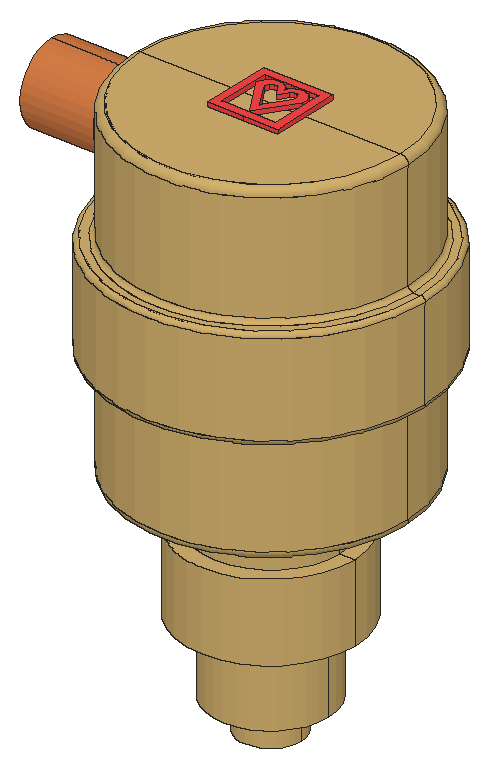
Revit family "Air Release Valve with check valve WE 2630 11 (12)", category Rohrzubehör, Revit 2021
Family settings
  Bemaßung runder Anschluss = Durchmesser verwenden
  Teiletyp = Normal
  OmniClass-Nummer = 23.65.55.14
  OmniClass-Titel = Valves for Liquid Services
  Arbeitsebenenbasiert = Nein
  Immer vertikal = Ja
  Beim Laden mit Abzugskörper schneiden = Nein
  Gemeinsam genutzt = Nein
Parameters
  min. Operating temperature = 0 °C  # constant formula
  max. Structual pressure = 1000000.0 Pa  # constant formula
  max. Operating temperature = 110 °C  # constant formula
  max. Operating pressure = 1000000.0 Pa  # constant formula
  Vorgabe-Ansicht = 0.000 mm
  Part number [instance] = if(Nennweite = 10.000 mm, 1263011, if(Nennweite = 15.000 mm, 1263012, 0))  # 1263012
  Float ball = "polypropylene "  # constant formula
  SW = 11.000 mm  # constant formula
  SCRNSEQ = "AWI;AWI_TYP=\"1013\";1"
  SCRNCODE = "05;14;01"  # constant formula
  S05 = 19.000 mm  # constant formula
  S04 = 16.500 mm  # constant formula
  S03 = 24.500 mm  # constant formula
  S02 = 11.000 mm  # constant formula
  S01 = 56.000 mm  # constant formula
  Backflow preventer housing = "brass CW617N, EN 12165"  # constant formula
  URL = "www.herzvalves.com"
  R02 = 0.600 mm  # constant formula
  R01 = 1.000 mm  # constant formula
  Nennweite [instance] = 15.000 mm
  Medium = "water purity in accordance with the ÖNORM H 5195 and VDI 2035 standards"
  L04 = L02 - L03  # 18.800 mm
  L03 = 9.500 mm  # constant formula
  L02 = 28.300 mm  # constant formula
  L01 = 4.000 mm  # constant formula
  Hersteller = "Herz-Armaturen GmbH"  # constant formula
  H11 = 10.000 mm  # constant formula
  H10 = 2.500 mm  # constant formula
  H09 [instance] = if(Nennweite = 10.000 mm, 30.000 mm, 26.000 mm)  # 26.000 mm
  H08 = H00 - 1.000 mm  # 55.000 mm
  H07 = H00 - 7.500 mm  # 48.500 mm
  H06 = 2.500 mm  # constant formula
  H05 = 9.000 mm  # constant formula
  H04 = 14.500 mm  # constant formula
  H03 = 15.500 mm  # constant formula
  H02 = 13.000 mm  # constant formula
  H01 = 9.500 mm  # constant formula
  H00 = 56.000 mm  # constant formula
  Housing = "machined brass acc. to EN 12165, CW617N"  # constant formula
  G1 [instance] = Nennweite / 2  # 7.500 mm
  G = 5.000 mm  # constant formula
  Sealing = "EPDM"  # constant formula
  Lid = "forged brass acc. to EN 12165, CW617N"  # constant formula
  D08 = 4.000 mm  # constant formula
  D07 = 9.000 mm  # constant formula
  D06 = 3.400 mm  # constant formula
  D05 = 5.100 mm  # constant formula
  D04 = 12.500 mm  # constant formula
  D03 = 11.000 mm  # constant formula
  D02 = 20.000 mm  # constant formula
  D01 = 17.800 mm  # constant formula
  External threaded connectors = "acc. to ISO 228"  # constant formula
  Field of application = "HERZ - Air vent is used for venting of the central heating installations. The air vent should be placed nearby the boiler or at the highest points of installation. Installations must be carried out in such a way that the retention of air bubbles in a certain part of installation is not possible. Before usage, unscrew the polypropylene cover cap on the lid for 2 to 3 turns. In case of uncontrolled medium leakage, tighten the cover cap. The air vent must be cleaned or replaced. We always recommend to use backflow preventer for easy service and replacement of the air vent. The air vents 1 2630 1X have a STOP function that prevents the entry of ambient air into the central heating installation."
  Cover cap = "ABS plastic, red colour"  # constant formula
Reference planes
  plane 1 "Mitte (Vorne/hinten)": y = 0
  plane 2: z = 0
  plane 3 "Mitte (Links/rechts)": x = 0
Forms (mm)
  Revolve 1, solid, material "Messing", detail levels fine
    sketch origin (0, 0, 0) x (1, 0, 0) y (0, 0, 1)
      loop
        line (0, 56) -> (-16.8, 56)
        arc (-16.8, 56) -> (-17.507, 55.707) -> (-17.8, 55) r 1
        line (-17.8, 55) -> (-17.8, 41.1)
        arc (-17.8, 41.1) -> (-17.976, 40.676) -> (-18.4, 40.5) r 0.6
        line (-18.4, 40.5) -> (-19.4, 40.5)
        arc (-19.4, 40.5) -> (-19.824, 40.324) -> (-20, 39.9) r 0.6
        line (-20, 39.9) -> (-20, 28.1)
        arc (-20, 28.1) -> (-19.824, 27.676) -> (-19.4, 27.5) r 0.6
        line (-19.4, 27.5) -> (-18.4, 27.5)
        arc (-18.4, 27.5) -> (-17.976, 27.324) -> (-17.8, 26.9) r 0.6
        line (-17.8, 26.9) -> (-17.8, 14)
        arc (-17.8, 14) -> (-17.507, 13.293) -> (-16.8, 13) r 1
        line (-16.8, 13) -> (-13.8, 13) -> (-9, 9.5) -> (-5, 9.5) -> (-5, 0) -> (0, 0) -> (0, 56)
      axis (0, 56) -> (0, 0)
    angle from 0 to 360
  Revolve 2, solid, material "Messing", detail levels fine
    sketch origin (0, 0, 0) x (1, 0, 0) y (0, 0, 1)
      loop
        line (0, 48.5) -> (0, 51.9) -> (-18.8, 51.9) -> (-18.8, 48.5) -> (0, 48.5)
      axis (-18.8, 48.5) -> (0, 48.5)
    angle from 0 to 360
  Revolve 3, solid, material "Kunststoff-ORANGE", detail levels fine
    sketch origin (0, 0, 0) x (1, 0, 0) y (0, 0, 1)
      loop
        line (-28.3, 48.5) -> (-18.8, 48.5) -> (-18.8, 53.6) -> (-28.3, 53.6) -> (-28.3, 48.5)
      axis (-28.3, 48.5) -> (-18.8, 48.5)
    angle from 0 to 360
  Revolve 4, solid, material "Messing", detail levels fine
    sketch origin (0, 0, 0) x (1, 0, 0) y (0, 0, 1)
      loop
        line (-5, 9.5) -> (-9, 9.5) -> (-9, 7) -> (-11, 7) -> (-11, -3) -> (-7.5, -3) -> (-7.5, -12.5) -> (-4, -12.5) -> (-4, -16.5) -> (0, -16.5) -> (0, 0) -> (-5, 0) -> (-5, 9.5)
      axis (0, 9.5) -> (0, -16.5)
    angle from 0 to 360
Lines and regions (mm)
  model lines, detail levels coarse+medium
    curve 1: line (0, 0, 56) -> (-12.587, 0, 43.413)
    curve 2: line (0, 0, 56) -> (12.587, 0, 43.413)
    curve 3: circle (0, 0, 31.5) r 11 normal (0, -1, 0)
    curve 4: line (0, 0, 42.5) -> (0, 0, 56)
    curve 5: line (0, 0, 20.5) -> (0, 0, 0)
    curve 6: line (-9.5, 0, 0) -> (9.5, 0, 0)
    curve 7: line (9.5, 0, 0) -> (-8.886, 0, -16.5)
    curve 8: line (-8.886, 0, -16.5) -> (10.114, 0, -16.5)
    curve 9: circle (-8.886, 0, -16.5) r 5 normal (0, -1, 0)
    curve 10: line (0, 0, 56) -> (0, -12.587, 43.413)
    curve 11: line (0, 0, 56) -> (0, 12.587, 43.413)
    curve 12: circle (0, 0, 31.5) r 11 normal (1, 0, 0)
    curve 13: line (0, -9.5, 0) -> (0, 9.5, 0)
    curve 14: line (0, 9.5, 0) -> (0, -9.5, -16.5)
    curve 15: line (0, -9.5, -16.5) -> (0, 9.5, -16.5)
    curve 16: circle (0, -9.5, -16.5) r 5 normal (1, 0, 0)
    curve 17: line (0, 56, 0) -> (-12.587, 43.413, 0)
    curve 18: line (-12.587, 43.413, 0) -> (0, 56, 0)
    curve 19: line (0, 56, 0) -> (12.587, 43.413, 0)
    curve 20: circle (0, 31.5, 0) r 11 normal (0, 0, 1)
    curve 21: line (0, 42.5, 0) -> (0, 56, 0)
    curve 22: line (0, 20.5, 0) -> (0, 0, 0)
    curve 23: line (-9.5, 0, 0) -> (9.5, 0, 0)
    curve 24: line (9.5, 0, 0) -> (-9.5, -16.5, 0)
    curve 25: line (-9.5, -16.5, 0) -> (9.5, -16.5, 0)
    curve 26: circle (-9.5, -16.5, 0) r 5 normal (0, 0, 1)
Dimensions and locks
  "H02": Revolve 1 sketch curve to Revolve 1 sketch curve
  "H03": Revolve 1 sketch curve to Revolve 1 sketch curve
  "H04": Revolve 1 sketch curve to Revolve 1 sketch curve
  "L01": Revolve 1 sketch curve to Revolve 1 sketch curve  (x2)
  "D01": Revolve 1 sketch curve to Revolve 1 sketch curve  (x2)
  "D02": Revolve 1 sketch curve to Revolve 1 sketch curve
  "H07": Revolve 2 sketch curve to plane 2
  "D06": Revolve 2 sketch curve to Revolve 2 sketch curve
  "L02": plane 3 "Mitte (Links/rechts)" to Revolve 3 sketch curve
  "L03": Revolve 3 sketch curve to Revolve 3 sketch curve
  "D05": Revolve 3 sketch curve to Revolve 3 sketch curve
  "H07": Revolve 3 sketch curve to plane 2
  "L04": plane 3 "Mitte (Links/rechts)" to Revolve 2 sketch curve
  "H08": nested 1 to plane 2
  "G": Revolve 1 sketch curve to Revolve 1 sketch curve
  "H00": Revolve 1 sketch curve to Revolve 1 sketch curve
  "H01": Revolve 1 sketch curve to Revolve 1 sketch curve
  "G1": Revolve 4 sketch curve to Revolve 4 sketch curve
  "D07": Revolve 4 sketch curve to Revolve 4 sketch curve
  "D08": Revolve 4 sketch curve to Revolve 4 sketch curve
  "H09": Revolve 4 sketch curve to Revolve 4 sketch curve
  "H01": Revolve 4 sketch curve to Revolve 4 sketch curve  (x2)
  "H10": Revolve 4 sketch curve to Revolve 4 sketch curve
  "H11": Revolve 4 sketch curve to Revolve 4 sketch curve
  "SW": Revolve 4 sketch curve to Revolve 4 sketch curve
  "G": Revolve 4 sketch curve to Revolve 4 sketch curve
  "S01": curve 4 to plane 2
  "D01": curve 1 to curve 1
  "D01": curve 2 to curve 2
  "S03": curve 4 to curve 3
  "S05": curve 6 to curve 7
  "S05": curve 8 to curve 8
  "S04": curve 6 to curve 8
  "S01": curve 11 to plane 2
  "D01": curve 10 to curve 10
  "D01": curve 11 to curve 11
  "S03": curve 11 to curve 12
  "S04": curve 15 to curve 13
  "S05": curve 13 to curve 14
  "S05": curve 15 to curve 15
  "S01": plane 1 "Mitte (Vorne/hinten)" to curve 19
  "S03": curve 19 to curve 20
  "D01": curve 18 to curve 18
  "D01": curve 19 to curve 19
  "S05": curve 23 to curve 24
  "S05": curve 25 to curve 24
  "S04": curve 25 to curve 23
  "R01": radius of Revolve 1 sketch curve  (x2)
  "R02": radius of Revolve 1 sketch curve  (x4)
  "S02": radius of curve 3
  "S02": radius of curve 12
  "S02": radius of curve 20
  angle curve 1 to curve 4 = 45.00°
  angle curve 4 to curve 2 = 45.00°
  angle curve 10 to plane 1 "Mitte (Vorne/hinten)" = 45.00°
  angle plane 1 "Mitte (Vorne/hinten)" to curve 11 = 45.00°
  angle curve 18 to curve 21 = 45.00°
  angle curve 21 to curve 19 = 45.00°
  aligned and locked: level to plane 2
Automatic sketch dimensions
  curve 13 to level = 0.000 mm
  curve 10 to plane 1 "Mitte (Vorne/hinten)" = 0.000 mm
  curve 12 to plane 1 "Mitte (Vorne/hinten)" = 0.000 mm
  plane 1 "Mitte (Vorne/hinten)" to curve 14 = 9.500 mm
  curve 16 to curve 14 = 0.000 mm  (x2)
  curve 13 to plane 1 "Mitte (Vorne/hinten)" = 9.500 mm
  curve 6 to level = 0.000 mm
  curve 4 to plane 3 "Mitte (Links/rechts)" = 0.000 mm
  curve 5 to plane 3 "Mitte (Links/rechts)" = 0.000 mm
  curve 3 to plane 3 "Mitte (Links/rechts)" = 0.000 mm
  curve 9 to plane 3 "Mitte (Links/rechts)" = 8.886 mm
  curve 8 to curve 9 = 0.000 mm
  plane 3 "Mitte (Links/rechts)" to curve 6 = 9.500 mm
  curve 9 to curve 7 = 0.000 mm
  plane 1 "Mitte (Vorne/hinten)" to curve 23 = 0.000 mm
  curve 21 to plane 3 "Mitte (Links/rechts)" = 0.000 mm
  curve 22 to plane 3 "Mitte (Links/rechts)" = 0.000 mm
  curve 20 to plane 3 "Mitte (Links/rechts)" = 0.000 mm
  curve 26 to plane 3 "Mitte (Links/rechts)" = 9.500 mm
  curve 24 to curve 26 = 0.000 mm
  curve 22 to curve 23 = 9.500 mm
  curve 26 to curve 24 = 0.000 mm
  Revolve 1 sketch curve to level = 0.000 mm
  Revolve 1 sketch curve to plane 3 "Mitte (Links/rechts)" = 0.000 mm
  plane 3 "Mitte (Links/rechts)" to Revolve 1 sketch curve = 0.000 mm
  Revolve 1 sketch curve to Revolve 1 sketch curve = 2000.000 mm
  Revolve 1 sketch curve to Revolve 1 sketch curve = 1932.500 mm
  Revolve 2 sketch curve to plane 3 "Mitte (Links/rechts)" = 0.000 mm  (x2)
  Revolve 2 sketch curve to Revolve 2 sketch curve = 0.000 mm  (x2)
  Revolve 3 sketch curve to Revolve 3 sketch curve = 0.000 mm  (x3)
  Revolve 4 sketch curve to level = 0.000 mm
  Revolve 4 sketch curve to plane 3 "Mitte (Links/rechts)" = 0.000 mm  (x2)
  Revolve 4 sketch curve to Revolve 4 sketch curve = 340.545 mm
  Revolve 4 sketch curve to Revolve 4 sketch curve = 2204.815 mm
  radius of curve 16 = 5.000 mm
  radius of curve 9 = 5.000 mm
  radius of curve 26 = 5.000 mm
Nested families
  nested 1: "Herz-Logo" at (0, 0, 55), type "Herz-Logo", detail levels fine
Connectors
  piping at (0, 0, -12.5), diameter 15, driven by "Nennweite"
    settings: on Revolve 4, index 1, connector inside diameter 609.6 mm, connector length 0.000 mm, flow factor 0, pipe flow 0.0 L/s, pressure drop 0.0 Pa, fitting loss kfactor 0, connector angle 0.00°, fixture units 0, engagement length 0.000 mm, angle of deflection 0.00°, flow configuration 0, flow direction 0, fitting loss method 0, system type 7, joint type 0, gender type 0, connector reference index -1, connector utility 0, adjustable connector no, is connector primary yes, connector description ""
Definition of nested family "Herz-Logo"
  Parameters (values of type "Herz-Logo")
    Default Elevation = 0.000 mm
  Reference planes
    plane 1 "Mitte (Vorne/hinten)": y = 0
    plane 2: z = 0
    plane 3 "Mitte (Links/rechts)": x = 0
  Forms (mm)
    Extrusion 1, solid
      sketch origin (0, 0, 0) x (1, 0, 0) y (0, 1, 0)
        loop
          line (-0.018, -4.517) -> (4.482, -4.517) -> (4.482, 4.483) -> (-4.518, 4.483) -> (-4.518, -4.517) -> (-0.018, -4.517)
        loop
          line (-0.05, -3.48) -> (3.482, -3.48) -> (3.482, 3.483) -> (-3.518, 3.483) -> (-3.518, -3.48) -> (-0.05, -3.48)
        loop
          arc (-0.018, 2.383) -> (-1.543, 3.287) -> (-3.067, 2.383) r 1.738
          arc (-3.067, 2.383) -> (-3.191, 1.899) -> (-3.067, 1.415) r 1.009
          line (-3.067, 1.415) -> (-0.018, -3.281) -> (3.032, 1.415)
          arc (3.032, 1.415) -> (3.156, 1.899) -> (3.032, 2.383) r 1.009
          arc (3.032, 2.383) -> (1.507, 3.287) -> (-0.018, 2.383) r 1.738
        loop
          arc (1.885, 1.272) -> (2.005, 1.675) -> (1.885, 2.079) r 0.74
          arc (1.885, 2.079) -> (1.265, 2.416) -> (0.644, 2.079) r 0.74
          line (0.644, 2.079) -> (-0.018, 0.97) -> (-0.679, 2.079)
          arc (-0.679, 2.079) -> (-1.3, 2.416) -> (-1.921, 2.079) r 0.74
          arc (-1.921, 2.079) -> (-2.04, 1.675) -> (-1.921, 1.272) r 0.74
          line (-1.921, 1.272) -> (-0.018, -1.658) -> (1.885, 1.272)
      from 0 to 1.5
  Dimensions and locks
    aligned and locked: level to plane 2
